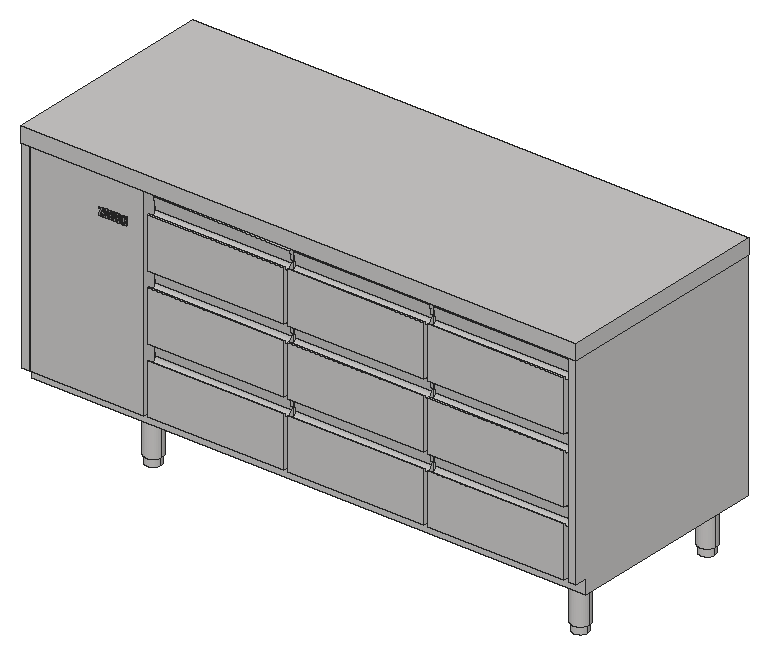
Revit family "QF_ZANUSSI_111049_ZH3HBCCC", category Specialty Equipment, Revit 2018 (continued)
Definition of nested family "ZAN_Cooling Unit"
  Lines and regions (mm)
    Split face 128
      outline origin (55.016, 2, -281.14) x (0, 0, 1) y (-1, 0, 0)
        loop
          arc (502.647, 116.535) -> (506.648, 112.533) -> (510.649, 116.535) r 4.001
          line (510.649, 116.535) -> (510.649, 158.547)
    Split face 129
      outline origin (55.016, 2, -293.144) x (0, 0, 1) y (-1, 0, 0)
        loop
          arc (510.649, 158.547) -> (506.648, 162.548) -> (502.647, 158.547) r 4.001
          line (502.647, 158.547) -> (502.647, 116.535)
          arc (502.647, 116.535) -> (506.648, 112.533) -> (510.649, 116.535) r 4.001
          line (510.649, 116.535) -> (510.649, 158.547)
    Split face 130
      outline origin (110.032, 2, -113.091) x (0, 0, 1) y (-1, 0, 0)
        loop
          arc (510.649, 158.547) -> (506.648, 162.548) -> (502.647, 158.547) r 4.001
          line (502.647, 158.547) -> (502.647, 116.535)
          arc (502.647, 116.535) -> (506.648, 112.533) -> (510.649, 116.535) r 4.001
          line (510.649, 116.535) -> (510.649, 158.547)
    Split face 131
      outline origin (110.032, 2, -125.094) x (0, 0, 1) y (-1, 0, 0)
        loop
          arc (510.649, 158.547) -> (506.648, 162.548) -> (502.647, 158.547) r 4.001
          line (502.647, 158.547) -> (502.647, 116.535)
          arc (502.647, 116.535) -> (506.648, 112.533) -> (510.649, 116.535) r 4.001
          line (510.649, 116.535) -> (510.649, 158.547)
    Split face 132
      outline origin (110.032, 2, -137.098) x (0, 0, 1) y (-1, 0, 0)
        loop
          arc (510.649, 158.547) -> (506.648, 162.548) -> (502.647, 158.547) r 4.001
          line (502.647, 158.547) -> (502.647, 116.535)
          arc (502.647, 116.535) -> (506.648, 112.533) -> (510.649, 116.535) r 4.001
          line (510.649, 116.535) -> (510.649, 158.547)
    Split face 133
      outline origin (110.032, 2, -149.101) x (0, 0, 1) y (-1, 0, 0)
        loop
          arc (510.649, 158.547) -> (506.648, 162.548) -> (502.647, 158.547) r 4.001
          line (502.647, 158.547) -> (502.647, 116.535)
          arc (502.647, 116.535) -> (506.648, 112.533) -> (510.649, 116.535) r 4.001
          line (510.649, 116.535) -> (510.649, 158.547)
    Split face 134
      outline origin (110.032, 2, -161.105) x (0, 0, 1) y (-1, 0, 0)
        loop
          arc (510.649, 158.547) -> (506.648, 162.548) -> (502.647, 158.547) r 4.001
          line (502.647, 158.547) -> (502.647, 116.535)
          arc (502.647, 116.535) -> (506.648, 112.533) -> (510.649, 116.535) r 4.001
          line (510.649, 116.535) -> (510.649, 158.547)
    Split face 135
      outline origin (110.032, 2, -173.108) x (0, 0, 1) y (-1, 0, 0)
        loop
          arc (510.649, 158.547) -> (506.648, 162.548) -> (502.647, 158.547) r 4.001
          line (502.647, 158.547) -> (502.647, 116.535)
          arc (502.647, 116.535) -> (506.648, 112.533) -> (510.649, 116.535) r 4.001
          line (510.649, 116.535) -> (510.649, 158.547)
    Split face 136
      outline origin (110.032, 2, -185.112) x (0, 0, 1) y (-1, 0, 0)
        loop
          arc (510.649, 158.547) -> (506.648, 162.548) -> (502.647, 158.547) r 4.001
          line (502.647, 158.547) -> (502.647, 116.535)
          arc (502.647, 116.535) -> (506.648, 112.533) -> (510.649, 116.535) r 4.001
          line (510.649, 116.535) -> (510.649, 158.547)
    Split face 137
      outline origin (110.032, 2, -197.115) x (0, 0, 1) y (-1, 0, 0)
        loop
          arc (510.649, 158.547) -> (506.648, 162.548) -> (502.647, 158.547) r 4.001
          line (502.647, 158.547) -> (502.647, 116.535)
          arc (502.647, 116.535) -> (506.648, 112.533) -> (510.649, 116.535) r 4.001
          line (510.649, 116.535) -> (510.649, 158.547)
    Split face 138
      outline origin (110.032, 2, -209.119) x (0, 0, 1) y (-1, 0, 0)
        loop
          arc (510.649, 158.547) -> (506.648, 162.548) -> (502.647, 158.547) r 4.001
          line (502.647, 158.547) -> (502.647, 116.535)
          arc (502.647, 116.535) -> (506.648, 112.533) -> (510.649, 116.535) r 4.001
          line (510.649, 116.535) -> (510.649, 158.547)
    Split face 139
      outline origin (110.032, 2, -221.122) x (0, 0, 1) y (-1, 0, 0)
        loop
          arc (510.649, 158.547) -> (506.648, 162.548) -> (502.647, 158.547) r 4.001
          line (502.647, 158.547) -> (502.647, 116.535)
          arc (502.647, 116.535) -> (506.648, 112.533) -> (510.649, 116.535) r 4.001
          line (510.649, 116.535) -> (510.649, 158.547)
    Split face 140
      outline origin (110.032, 2, -233.126) x (0, 0, 1) y (-1, 0, 0)
        loop
          arc (510.649, 158.547) -> (506.648, 162.548) -> (502.647, 158.547) r 4.001
          line (502.647, 158.547) -> (502.647, 116.535)
          arc (502.647, 116.535) -> (506.648, 112.533) -> (510.649, 116.535) r 4.001
          line (510.649, 116.535) -> (510.649, 158.547)
    Split face 141
      outline origin (110.032, 2, -245.129) x (0, 0, 1) y (-1, 0, 0)
        loop
          arc (510.649, 158.547) -> (506.648, 162.548) -> (502.647, 158.547) r 4.001
          line (502.647, 158.547) -> (502.647, 116.535)
          arc (502.647, 116.535) -> (506.648, 112.533) -> (510.649, 116.535) r 4.001
          line (510.649, 116.535) -> (510.649, 158.547)
    Split face 142
      outline origin (110.032, 2, -257.133) x (0, 0, 1) y (-1, 0, 0)
        loop
          arc (510.649, 158.547) -> (506.648, 162.548) -> (502.647, 158.547) r 4.001
          line (502.647, 158.547) -> (502.647, 116.535)
          arc (502.647, 116.535) -> (506.648, 112.533) -> (510.649, 116.535) r 4.001
          line (510.649, 116.535) -> (510.649, 158.547)
    Split face 143
      outline origin (110.032, 2, -269.136) x (0, 0, 1) y (-1, 0, 0)
        loop
          arc (510.649, 158.547) -> (506.648, 162.548) -> (502.647, 158.547) r 4.001
          line (502.647, 158.547) -> (502.647, 116.535)
          arc (502.647, 116.535) -> (506.648, 112.533) -> (510.649, 116.535) r 4.001
          line (510.649, 116.535) -> (510.649, 158.547)
    Split face 144
      outline origin (110.032, 2, -281.14) x (0, 0, 1) y (-1, 0, 0)
        loop
          arc (510.649, 158.547) -> (506.648, 162.548) -> (502.647, 158.547) r 4.001
          line (502.647, 158.547) -> (502.647, 116.535)
          arc (502.647, 116.535) -> (506.648, 112.533) -> (510.649, 116.535) r 4.001
          line (510.649, 116.535) -> (510.649, 158.547)
    Split face 145
      outline origin (110.032, 2, -293.144) x (0, 0, 1) y (-1, 0, 0)
        loop
          arc (510.649, 158.547) -> (506.648, 162.548) -> (502.647, 158.547) r 4.001
          line (502.647, 158.547) -> (502.647, 116.535)
          arc (502.647, 116.535) -> (506.648, 112.533) -> (510.649, 116.535) r 4.001
          line (510.649, 116.535) -> (510.649, 158.547)
    Split face 146
      outline origin (165.048, 2, -113.091) x (0, 0, 1) y (-1, 0, 0)
        loop
          arc (510.649, 158.547) -> (506.648, 162.548) -> (502.647, 158.547) r 4.001
          line (502.647, 158.547) -> (502.647, 116.535)
          arc (502.647, 116.535) -> (506.648, 112.533) -> (510.649, 116.535) r 4.001
          line (510.649, 116.535) -> (510.649, 158.547)
    Split face 147
      outline origin (165.048, 2, -125.094) x (0, 0, 1) y (-1, 0, 0)
        loop
          arc (510.649, 158.547) -> (506.648, 162.548) -> (502.647, 158.547) r 4.001
          line (502.647, 158.547) -> (502.647, 116.535)
          arc (502.647, 116.535) -> (506.648, 112.533) -> (510.649, 116.535) r 4.001
          line (510.649, 116.535) -> (510.649, 158.547)
    Split face 148
      outline origin (165.048, 2, -137.098) x (0, 0, 1) y (-1, 0, 0)
        loop
          arc (510.649, 158.547) -> (506.648, 162.548) -> (502.647, 158.547) r 4.001
          line (502.647, 158.547) -> (502.647, 116.535)
          arc (502.647, 116.535) -> (506.648, 112.533) -> (510.649, 116.535) r 4.001
          line (510.649, 116.535) -> (510.649, 158.547)
    Split face 149
      outline origin (165.048, 2, -149.101) x (0, 0, 1) y (-1, 0, 0)
        loop
          arc (510.649, 158.547) -> (506.648, 162.548) -> (502.647, 158.547) r 4.001
          line (502.647, 158.547) -> (502.647, 116.535)
          arc (502.647, 116.535) -> (506.648, 112.533) -> (510.649, 116.535) r 4.001
          line (510.649, 116.535) -> (510.649, 158.547)
    Split face 150
      outline origin (165.048, 2, -161.105) x (0, 0, 1) y (-1, 0, 0)
        loop
          arc (510.649, 158.547) -> (506.648, 162.548) -> (502.647, 158.547) r 4.001
          line (502.647, 158.547) -> (502.647, 116.535)
          arc (502.647, 116.535) -> (506.648, 112.533) -> (510.649, 116.535) r 4.001
          line (510.649, 116.535) -> (510.649, 158.547)
    Split face 151
      outline origin (165.048, 2, -173.108) x (0, 0, 1) y (-1, 0, 0)
        loop
          arc (510.649, 158.547) -> (506.648, 162.548) -> (502.647, 158.547) r 4.001
          line (502.647, 158.547) -> (502.647, 116.535)
          arc (502.647, 116.535) -> (506.648, 112.533) -> (510.649, 116.535) r 4.001
          line (510.649, 116.535) -> (510.649, 158.547)
    Split face 152
      outline origin (165.048, 2, -185.112) x (0, 0, 1) y (-1, 0, 0)
        loop
          arc (510.649, 158.547) -> (506.648, 162.548) -> (502.647, 158.547) r 4.001
          line (502.647, 158.547) -> (502.647, 116.535)
          arc (502.647, 116.535) -> (506.648, 112.533) -> (510.649, 116.535) r 4.001
          line (510.649, 116.535) -> (510.649, 158.547)
    Split face 153
      outline origin (165.048, 2, -197.115) x (0, 0, 1) y (-1, 0, 0)
        loop
          arc (510.649, 158.547) -> (506.648, 162.548) -> (502.647, 158.547) r 4.001
          line (502.647, 158.547) -> (502.647, 116.535)
          arc (502.647, 116.535) -> (506.648, 112.533) -> (510.649, 116.535) r 4.001
          line (510.649, 116.535) -> (510.649, 158.547)
    Split face 154
      outline origin (165.048, 2, -209.119) x (0, 0, 1) y (-1, 0, 0)
        loop
          arc (510.649, 158.547) -> (506.648, 162.548) -> (502.647, 158.547) r 4.001
          line (502.647, 158.547) -> (502.647, 116.535)
          arc (502.647, 116.535) -> (506.648, 112.533) -> (510.649, 116.535) r 4.001
          line (510.649, 116.535) -> (510.649, 158.547)
    Split face 155
      outline origin (165.048, 2, -221.122) x (0, 0, 1) y (-1, 0, 0)
        loop
          arc (510.649, 158.547) -> (506.648, 162.548) -> (502.647, 158.547) r 4.001
          line (502.647, 158.547) -> (502.647, 116.535)
          arc (502.647, 116.535) -> (506.648, 112.533) -> (510.649, 116.535) r 4.001
          line (510.649, 116.535) -> (510.649, 158.547)
    Split face 156
      outline origin (165.048, 2, -233.126) x (0, 0, 1) y (-1, 0, 0)
        loop
          arc (510.649, 158.547) -> (506.648, 162.548) -> (502.647, 158.547) r 4.001
          line (502.647, 158.547) -> (502.647, 116.535)
          arc (502.647, 116.535) -> (506.648, 112.533) -> (510.649, 116.535) r 4.001
          line (510.649, 116.535) -> (510.649, 158.547)
    Split face 157
      outline origin (165.048, 2, -245.129) x (0, 0, 1) y (-1, 0, 0)
        loop
          arc (510.649, 158.547) -> (506.648, 162.548) -> (502.647, 158.547) r 4.001
          line (502.647, 158.547) -> (502.647, 116.535)
          arc (502.647, 116.535) -> (506.648, 112.533) -> (510.649, 116.535) r 4.001
          line (510.649, 116.535) -> (510.649, 158.547)
    Split face 158
      outline origin (165.048, 2, -257.133) x (0, 0, 1) y (-1, 0, 0)
        loop
          arc (510.649, 158.547) -> (506.648, 162.548) -> (502.647, 158.547) r 4.001
          line (502.647, 158.547) -> (502.647, 116.535)
          arc (502.647, 116.535) -> (506.648, 112.533) -> (510.649, 116.535) r 4.001
          line (510.649, 116.535) -> (510.649, 158.547)
    Split face 159
      outline origin (165.048, 2, -269.136) x (0, 0, 1) y (-1, 0, 0)
        loop
          arc (510.649, 158.547) -> (506.648, 162.548) -> (502.647, 158.547) r 4.001
          line (502.647, 158.547) -> (502.647, 116.535)
          arc (502.647, 116.535) -> (506.648, 112.533) -> (510.649, 116.535) r 4.001
          line (510.649, 116.535) -> (510.649, 158.547)
    Split face 160
      outline origin (165.048, 2, -281.14) x (0, 0, 1) y (-1, 0, 0)
        loop
          arc (510.649, 158.547) -> (506.648, 162.548) -> (502.647, 158.547) r 4.001
          line (502.647, 158.547) -> (502.647, 116.535)
          arc (502.647, 116.535) -> (506.648, 112.533) -> (510.649, 116.535) r 4.001
          line (510.649, 116.535) -> (510.649, 158.547)
    Split face 161
      outline origin (165.048, 2, -293.144) x (0, 0, 1) y (-1, 0, 0)
        loop
          arc (510.649, 158.547) -> (506.648, 162.548) -> (502.647, 158.547) r 4.001
          line (502.647, 158.547) -> (502.647, 116.535)
          arc (502.647, 116.535) -> (506.648, 112.533) -> (510.649, 116.535) r 4.001
          line (510.649, 116.535) -> (510.649, 158.547)
    Split face 162
      outline origin (220.064, 2, -113.091) x (0, 0, 1) y (-1, 0, 0)
        loop
          arc (510.649, 158.547) -> (506.648, 162.548) -> (502.647, 158.547) r 4.001
          line (502.647, 158.547) -> (502.647, 116.535)
          arc (502.647, 116.535) -> (506.648, 112.533) -> (510.649, 116.535) r 4.001
          line (510.649, 116.535) -> (510.649, 158.547)
    Split face 163
      outline origin (220.064, 2, -125.094) x (0, 0, 1) y (-1, 0, 0)
        loop
          arc (510.649, 158.547) -> (506.648, 162.548) -> (502.647, 158.547) r 4.001
          line (502.647, 158.547) -> (502.647, 116.535)
          arc (502.647, 116.535) -> (506.648, 112.533) -> (510.649, 116.535) r 4.001
          line (510.649, 116.535) -> (510.649, 158.547)
    Split face 164
      outline origin (220.064, 2, -137.098) x (0, 0, 1) y (-1, 0, 0)
        loop
          arc (510.649, 158.547) -> (506.648, 162.548) -> (502.647, 158.547) r 4.001
          line (502.647, 158.547) -> (502.647, 116.535)
          arc (502.647, 116.535) -> (506.648, 112.533) -> (510.649, 116.535) r 4.001
          line (510.649, 116.535) -> (510.649, 158.547)
    Split face 165
      outline origin (220.064, 2, -149.101) x (0, 0, 1) y (-1, 0, 0)
        loop
          arc (510.649, 158.547) -> (506.648, 162.548) -> (502.647, 158.547) r 4.001
          line (502.647, 158.547) -> (502.647, 116.535)
          arc (502.647, 116.535) -> (506.648, 112.533) -> (510.649, 116.535) r 4.001
          line (510.649, 116.535) -> (510.649, 158.547)
    Split face 166
      outline origin (220.064, 2, -161.105) x (0, 0, 1) y (-1, 0, 0)
        loop
          arc (510.649, 158.547) -> (506.648, 162.548) -> (502.647, 158.547) r 4.001
          line (502.647, 158.547) -> (502.647, 116.535)
          arc (502.647, 116.535) -> (506.648, 112.533) -> (510.649, 116.535) r 4.001
          line (510.649, 116.535) -> (510.649, 158.547)
    Split face 167
      outline origin (220.064, 2, -173.108) x (0, 0, 1) y (-1, 0, 0)
        loop
          arc (510.649, 158.547) -> (506.648, 162.548) -> (502.647, 158.547) r 4.001
          line (502.647, 158.547) -> (502.647, 116.535)
          arc (502.647, 116.535) -> (506.648, 112.533) -> (510.649, 116.535) r 4.001
          line (510.649, 116.535) -> (510.649, 158.547)
    Split face 168
      outline origin (220.064, 2, -185.112) x (0, 0, 1) y (-1, 0, 0)
        loop
          arc (510.649, 158.547) -> (506.648, 162.548) -> (502.647, 158.547) r 4.001
          line (502.647, 158.547) -> (502.647, 116.535)
          arc (502.647, 116.535) -> (506.648, 112.533) -> (510.649, 116.535) r 4.001
          line (510.649, 116.535) -> (510.649, 158.547)
    Split face 169
      outline origin (220.064, 2, -197.115) x (0, 0, 1) y (-1, 0, 0)
        loop
          arc (510.649, 158.547) -> (506.648, 162.548) -> (502.647, 158.547) r 4.001
          line (502.647, 158.547) -> (502.647, 116.535)
          arc (502.647, 116.535) -> (506.648, 112.533) -> (510.649, 116.535) r 4.001
          line (510.649, 116.535) -> (510.649, 158.547)
    Split face 170
      outline origin (220.064, 2, -209.119) x (0, 0, 1) y (-1, 0, 0)
        loop
          arc (510.649, 158.547) -> (506.648, 162.548) -> (502.647, 158.547) r 4.001
          line (502.647, 158.547) -> (502.647, 116.535)
          arc (502.647, 116.535) -> (506.648, 112.533) -> (510.649, 116.535) r 4.001
          line (510.649, 116.535) -> (510.649, 158.547)
    Split face 171
      outline origin (220.064, 2, -221.122) x (0, 0, 1) y (-1, 0, 0)
        loop
          arc (510.649, 158.547) -> (506.648, 162.548) -> (502.647, 158.547) r 4.001
          line (502.647, 158.547) -> (502.647, 116.535)
          arc (502.647, 116.535) -> (506.648, 112.533) -> (510.649, 116.535) r 4.001
          line (510.649, 116.535) -> (510.649, 158.547)
    Split face 172
      outline origin (220.064, 2, -233.126) x (0, 0, 1) y (-1, 0, 0)
        loop
          arc (510.649, 158.547) -> (506.648, 162.548) -> (502.647, 158.547) r 4.001
          line (502.647, 158.547) -> (502.647, 116.535)
          arc (502.647, 116.535) -> (506.648, 112.533) -> (510.649, 116.535) r 4.001
          line (510.649, 116.535) -> (510.649, 158.547)
    Split face 173
      outline origin (220.064, 2, -245.129) x (0, 0, 1) y (-1, 0, 0)
        loop
          arc (510.649, 158.547) -> (506.648, 162.548) -> (502.647, 158.547) r 4.001
          line (502.647, 158.547) -> (502.647, 116.535)
          arc (502.647, 116.535) -> (506.648, 112.533) -> (510.649, 116.535) r 4.001
          line (510.649, 116.535) -> (510.649, 158.547)
    Split face 174
      outline origin (220.064, 2, -257.133) x (0, 0, 1) y (-1, 0, 0)
        loop
          arc (510.649, 158.547) -> (506.648, 162.548) -> (502.647, 158.547) r 4.001
          line (502.647, 158.547) -> (502.647, 116.535)
          arc (502.647, 116.535) -> (506.648, 112.533) -> (510.649, 116.535) r 4.001
          line (510.649, 116.535) -> (510.649, 158.547)
    Split face 175
      outline origin (220.064, 2, -269.136) x (0, 0, 1) y (-1, 0, 0)
        loop
          arc (510.649, 158.547) -> (506.648, 162.548) -> (502.647, 158.547) r 4.001
          line (502.647, 158.547) -> (502.647, 116.535)
          arc (502.647, 116.535) -> (506.648, 112.533) -> (510.649, 116.535) r 4.001
          line (510.649, 116.535) -> (510.649, 158.547)
    Split face 176
      outline origin (220.064, 2, -281.14) x (0, 0, 1) y (-1, 0, 0)
        loop
          arc (510.649, 158.547) -> (506.648, 162.548) -> (502.647, 158.547) r 4.001
          line (502.647, 158.547) -> (502.647, 116.535)
          arc (502.647, 116.535) -> (506.648, 112.533) -> (510.649, 116.535) r 4.001
          line (510.649, 116.535) -> (510.649, 158.547)
    Split face 177
      outline origin (220.064, 2, -293.144) x (0, 0, 1) y (-1, 0, 0)
        loop
          arc (510.649, 158.547) -> (506.648, 162.548) -> (502.647, 158.547) r 4.001
          line (502.647, 158.547) -> (502.647, 116.535)
          arc (502.647, 116.535) -> (506.648, 112.533) -> (510.649, 116.535) r 4.001
          line (510.649, 116.535) -> (510.649, 158.547)
    Split face 178
      outline origin (275.081, 2, -113.091) x (0, 0, 1) y (-1, 0, 0)
        loop
          arc (510.649, 158.547) -> (506.648, 162.548) -> (502.647, 158.547) r 4.001
          line (502.647, 158.547) -> (502.647, 116.535)
          arc (502.647, 116.535) -> (506.648, 112.533) -> (510.649, 116.535) r 4.001
          line (510.649, 116.535) -> (510.649, 158.547)
    Split face 179
      outline origin (275.081, 2, -125.094) x (0, 0, 1) y (-1, 0, 0)
        loop
          arc (510.649, 158.547) -> (506.648, 162.548) -> (502.647, 158.547) r 4.001
          line (502.647, 158.547) -> (502.647, 116.535)
          arc (502.647, 116.535) -> (506.648, 112.533) -> (510.649, 116.535) r 4.001
          line (510.649, 116.535) -> (510.649, 158.547)
    Split face 180
      outline origin (275.081, 2, -137.098) x (0, 0, 1) y (-1, 0, 0)
        loop
          arc (510.649, 158.547) -> (506.648, 162.548) -> (502.647, 158.547) r 4.001
          line (502.647, 158.547) -> (502.647, 116.535)
          arc (502.647, 116.535) -> (506.648, 112.533) -> (510.649, 116.535) r 4.001
          line (510.649, 116.535) -> (510.649, 158.547)
    Split face 181
      outline origin (275.081, 2, -149.101) x (0, 0, 1) y (-1, 0, 0)
        loop
          arc (510.649, 158.547) -> (506.648, 162.548) -> (502.647, 158.547) r 4.001
          line (502.647, 158.547) -> (502.647, 116.535)
          arc (502.647, 116.535) -> (506.648, 112.533) -> (510.649, 116.535) r 4.001
          line (510.649, 116.535) -> (510.649, 158.547)
    Split face 182
      outline origin (275.081, 2, -161.105) x (0, 0, 1) y (-1, 0, 0)
        loop
          arc (510.649, 158.547) -> (506.648, 162.548) -> (502.647, 158.547) r 4.001
          line (502.647, 158.547) -> (502.647, 116.535)
          arc (502.647, 116.535) -> (506.648, 112.533) -> (510.649, 116.535) r 4.001
          line (510.649, 116.535) -> (510.649, 158.547)
    Split face 183
      outline origin (275.081, 2, -173.108) x (0, 0, 1) y (-1, 0, 0)
        loop
          arc (510.649, 158.547) -> (506.648, 162.548) -> (502.647, 158.547) r 4.001
          line (502.647, 158.547) -> (502.647, 116.535)
          arc (502.647, 116.535) -> (506.648, 112.533) -> (510.649, 116.535) r 4.001
          line (510.649, 116.535) -> (510.649, 158.547)
    Split face 184
      outline origin (275.081, 2, -185.112) x (0, 0, 1) y (-1, 0, 0)
        loop
          arc (510.649, 158.547) -> (506.648, 162.548) -> (502.647, 158.547) r 4.001
          line (502.647, 158.547) -> (502.647, 116.535)
          arc (502.647, 116.535) -> (506.648, 112.533) -> (510.649, 116.535) r 4.001
          line (510.649, 116.535) -> (510.649, 158.547)
    Split face 185
      outline origin (275.081, 2, -197.115) x (0, 0, 1) y (-1, 0, 0)
        loop
          arc (510.649, 158.547) -> (506.648, 162.548) -> (502.647, 158.547) r 4.001
          line (502.647, 158.547) -> (502.647, 116.535)
          arc (502.647, 116.535) -> (506.648, 112.533) -> (510.649, 116.535) r 4.001
          line (510.649, 116.535) -> (510.649, 158.547)
    Split face 186
      outline origin (275.081, 2, -209.119) x (0, 0, 1) y (-1, 0, 0)
        loop
          arc (510.649, 158.547) -> (506.648, 162.548) -> (502.647, 158.547) r 4.001
          line (502.647, 158.547) -> (502.647, 116.535)
          arc (502.647, 116.535) -> (506.648, 112.533) -> (510.649, 116.535) r 4.001
          line (510.649, 116.535) -> (510.649, 158.547)
    Split face 187
      outline origin (275.081, 2, -221.122) x (0, 0, 1) y (-1, 0, 0)
        loop
          arc (510.649, 158.547) -> (506.648, 162.548) -> (502.647, 158.547) r 4.001
          line (502.647, 158.547) -> (502.647, 116.535)
          arc (502.647, 116.535) -> (506.648, 112.533) -> (510.649, 116.535) r 4.001
          line (510.649, 116.535) -> (510.649, 158.547)
    Split face 188
      outline origin (275.081, 2, -233.126) x (0, 0, 1) y (-1, 0, 0)
        loop
          arc (510.649, 158.547) -> (506.648, 162.548) -> (502.647, 158.547) r 4.001
          line (502.647, 158.547) -> (502.647, 116.535)
          arc (502.647, 116.535) -> (506.648, 112.533) -> (510.649, 116.535) r 4.001
          line (510.649, 116.535) -> (510.649, 158.547)
    Split face 189
      outline origin (275.081, 2, -245.129) x (0, 0, 1) y (-1, 0, 0)
        loop
          arc (510.649, 158.547) -> (506.648, 162.548) -> (502.647, 158.547) r 4.001
          line (502.647, 158.547) -> (502.647, 116.535)
          arc (502.647, 116.535) -> (506.648, 112.533) -> (510.649, 116.535) r 4.001
          line (510.649, 116.535) -> (510.649, 158.547)
    Split face 190
      outline origin (275.081, 2, -257.133) x (0, 0, 1) y (-1, 0, 0)
        loop
          arc (510.649, 158.547) -> (506.648, 162.548) -> (502.647, 158.547) r 4.001
          line (502.647, 158.547) -> (502.647, 116.535)
          arc (502.647, 116.535) -> (506.648, 112.533) -> (510.649, 116.535) r 4.001
          line (510.649, 116.535) -> (510.649, 158.547)
    Split face 191
      outline origin (275.081, 2, -269.136) x (0, 0, 1) y (-1, 0, 0)
        loop
          arc (510.649, 158.547) -> (506.648, 162.548) -> (502.647, 158.547) r 4.001
          line (502.647, 158.547) -> (502.647, 116.535)
          arc (502.647, 116.535) -> (506.648, 112.533) -> (510.649, 116.535) r 4.001
          line (510.649, 116.535) -> (510.649, 158.547)
    Split face 192
      outline origin (275.081, 2, -281.14) x (0, 0, 1) y (-1, 0, 0)
        loop
          arc (510.649, 158.547) -> (506.648, 162.548) -> (502.647, 158.547) r 4.001
          line (502.647, 158.547) -> (502.647, 116.535)
          arc (502.647, 116.535) -> (506.648, 112.533) -> (510.649, 116.535) r 4.001
          line (510.649, 116.535) -> (510.649, 158.547)
    Split face 193
      outline origin (275.081, 2, -293.144) x (0, 0, 1) y (-1, 0, 0)
        loop
          arc (510.649, 158.547) -> (506.648, 162.548) -> (502.647, 158.547) r 4.001
          line (502.647, 158.547) -> (502.647, 116.535)
          arc (502.647, 116.535) -> (506.648, 112.533) -> (510.649, 116.535) r 4.001
          line (510.649, 116.535) -> (510.649, 158.547)
    Split face 194
      outline origin (0, 2, 197) x (0, 0, 1) y (-1, 0, 0)
        loop
          spline (566.835, 20.381) -> (564.628, 19.058) -> (561.987, 18.027) -> (558.955, 17.386) -> (555.581, 17.244) -> (551.912, 17.703) -> (547.993, 18.863) -> (543.871, 20.83) -> (539.591, 23.706) -> (535.202, 27.594) -> (530.748, 32.597) -> (526.28, 38.824) -> (521.835, 46.362)
        loop
          spline (521.835, 58.392) -> (525.386, 49.242) -> (529.197, 41.481) -> (533.2, 35.023) -> (537.329, 29.786) -> (541.516, 25.684) -> (545.695, 22.634) -> (549.798, 20.552) -> (553.759, 19.355) -> (557.511, 18.958) -> (560.984, 19.275) -> (564.115, 20.227) -> (566.835, 21.726)
    Split face 195
      outline origin (0, 2, 197) x (0, 0, 1) y (-1, 0, 0)
        loop
          line (555.835, 149.5) -> (532.835, 149.5) -> (532.835, 94.5) -> (555.835, 94.5) -> (555.835, 149.5)
  Dimensions and locks
    aligned and locked: level to plane 2
  Nested families
    nested 1: "ZAN_Logo_S_Grey" at (85, 2, 741.213) x (1, 0, 0) z (0, -1, 0), visible <- "Show Logo", type "ZAN_Logo_S_Grey"
  Definition of nested family "ZAN_Logo_S_Grey"
    Parameters
      Default Elevation = 0 mm
    Reference planes
      plane 1 "Centro (Fronte/Retro)": y = 0
      plane 2: z = 0
      plane 3 "Centro (Sinistra/Destra)": x = 0
    Forms (mm)
      Extrusion 1, solid
        sketch origin (0, 0, 0) x (1, 0, 0) y (0, 1, 0)
          loop
            line (-1219.2, 1219.2) -> (-1219.2, -1219.2) -> (1219.2, -1219.2) -> (1219.2, 1219.2) -> (-1219.2, 1219.2)
        from 0 to -304.8
      Extrusion 2, solid
        sketch origin (17.793, -46.218, 0) x (-1, 0, 0) y (0, -1, 0)
          loop
            spline (-4.176, -58.079) -> (-3.496, -58.328) -> (-2.793, -58.512) -> (-2.075, -58.63) -> (-1.348, -58.682) -> (-0.619, -58.669) -> (0.106, -58.588) -> (0.818, -58.44) -> (1.512, -58.225) -> (2.18, -57.941) -> (2.817, -57.589) -> (3.414, -57.167) -> (3.966, -56.676)
            spline (3.966, -56.676) -> (4.293, -56.162) -> (4.575, -55.61) -> (4.81, -55.026) -> (5, -54.419) -> (5.146, -53.797) -> (5.247, -53.166) -> (5.304, -52.536) -> (5.318, -51.913) -> (5.288, -51.306) -> (5.217, -50.723) -> (5.103, -50.17) -> (4.949, -49.657)
            line (4.949, -49.657) -> (2.702, -46.428) -> (0.316, -44.323)
            spline (0.316, -44.323) -> (0.065, -44.115) -> (-0.195, -43.909) -> (-0.46, -43.704) -> (-0.729, -43.496) -> (-0.997, -43.282) -> (-1.263, -43.059) -> (-1.523, -42.825) -> (-1.774, -42.576) -> (-2.013, -42.309) -> (-2.238, -42.022) -> (-2.445, -41.712) -> (-2.632, -41.375)
            spline (-2.632, -41.375) -> (-2.666, -41.159) -> (-2.697, -40.934) -> (-2.722, -40.701) -> (-2.736, -40.465) -> (-2.736, -40.227) -> (-2.72, -39.989) -> (-2.682, -39.754) -> (-2.621, -39.524) -> (-2.533, -39.302) -> (-2.414, -39.091) -> (-2.261, -38.892) -> (-2.07, -38.708)
            line (-2.07, -38.708) -> (-0.245, -38.567)
            spline (-0.245, -38.567) -> (0.096, -38.8) -> (0.354, -39.074) -> (0.54, -39.381) -> (0.664, -39.716) -> (0.738, -40.073) -> (0.772, -40.445) -> (0.777, -40.825) -> (0.763, -41.208) -> (0.742, -41.588) -> (0.723, -41.957) -> (0.718, -42.309) -> (0.737, -42.638)
            line (0.737, -42.638) -> (5.65, -42.638)
            spline (5.65, -42.638) -> (5.708, -42.042) -> (5.741, -41.448) -> (5.747, -40.857) -> (5.723, -40.273) -> (5.668, -39.696) -> (5.58, -39.129) -> (5.457, -38.574) -> (5.297, -38.032) -> (5.098, -37.506) -> (4.857, -36.997) -> (4.574, -36.508) -> (4.247, -36.041)
            spline (4.247, -36.041) -> (3.844, -35.675) -> (3.409, -35.35) -> (2.946, -35.065) -> (2.458, -34.819) -> (1.949, -34.612) -> (1.421, -34.444) -> (0.88, -34.314) -> (0.326, -34.221) -> (-0.234, -34.165) -> (-0.8, -34.146) -> (-1.366, -34.163) -> (-1.93, -34.216)
            spline (-1.93, -34.216) -> (-2.526, -34.309) -> (-3.116, -34.448) -> (-3.695, -34.633) -> (-4.259, -34.861) -> (-4.801, -35.131) -> (-5.316, -35.444) -> (-5.799, -35.798) -> (-6.245, -36.191) -> (-6.648, -36.624) -> (-7.002, -37.095) -> (-7.303, -37.603) -> (-7.545, -38.146)
            spline (-7.545, -38.146) -> (-7.694, -38.815) -> (-7.792, -39.487) -> (-7.839, -40.158) -> (-7.836, -40.824) -> (-7.785, -41.482) -> (-7.685, -42.129) -> (-7.539, -42.762) -> (-7.347, -43.377) -> (-7.111, -43.97) -> (-6.83, -44.538) -> (-6.506, -45.078) -> (-6.141, -45.586)
            line (-6.141, -45.586) -> (-0.526, -50.64) -> (0.176, -51.482)
            spline (0.176, -51.482) -> (0.248, -51.66) -> (0.323, -51.843) -> (0.397, -52.03) -> (0.467, -52.22) -> (0.529, -52.412) -> (0.579, -52.605) -> (0.615, -52.798) -> (0.633, -52.989) -> (0.63, -53.179) -> (0.601, -53.366) -> (0.545, -53.55) -> (0.456, -53.728)
            spline (0.456, -53.728) -> (0.375, -53.892) -> (0.273, -54.034) -> (0.154, -54.155) -> (0.02, -54.258) -> (-0.126, -54.343) -> (-0.28, -54.412) -> (-0.441, -54.466) -> (-0.604, -54.508) -> (-0.767, -54.537) -> (-0.928, -54.556) -> (-1.082, -54.567) -> (-1.228, -54.57)
            line (-1.228, -54.57) -> (-2.632, -53.587) -> (-2.772, -50.64) -> (-7.405, -50.64)
            spline (-7.405, -50.64) -> (-7.41, -51.031) -> (-7.423, -51.432) -> (-7.44, -51.839) -> (-7.456, -52.251) -> (-7.469, -52.665) -> (-7.475, -53.079) -> (-7.468, -53.489) -> (-7.446, -53.894) -> (-7.404, -54.291) -> (-7.339, -54.679) -> (-7.247, -55.053) -> (-7.123, -55.412)
            spline (-7.123, -55.412) -> (-6.999, -55.693) -> (-6.837, -55.97) -> (-6.643, -56.244) -> (-6.422, -56.509) -> (-6.177, -56.765) -> (-5.913, -57.009) -> (-5.634, -57.238) -> (-5.346, -57.45) -> (-5.051, -57.643) -> (-4.755, -57.814) -> (-4.462, -57.96) -> (-4.176, -58.079)
          loop
            spline (-21.021, -55.552) -> (-20.633, -56.181) -> (-20.177, -56.736) -> (-19.661, -57.217) -> (-19.092, -57.627) -> (-18.478, -57.966) -> (-17.827, -58.237) -> (-17.147, -58.441) -> (-16.446, -58.578) -> (-15.73, -58.652) -> (-15.009, -58.662) -> (-14.29, -58.611) -> (-13.581, -58.5)
            spline (-13.581, -58.5) -> (-13.088, -58.407) -> (-12.595, -58.269) -> (-12.109, -58.088) -> (-11.636, -57.866) -> (-11.183, -57.605) -> (-10.756, -57.307) -> (-10.361, -56.974) -> (-10.004, -56.608) -> (-9.692, -56.211) -> (-9.431, -55.784) -> (-9.228, -55.33) -> (-9.089, -54.851)
            spline (-9.089, -54.851) -> (-8.873, -54.211) -> (-8.715, -53.559) -> (-8.615, -52.901) -> (-8.574, -52.241) -> (-8.592, -51.585) -> (-8.668, -50.938) -> (-8.802, -50.306) -> (-8.995, -49.693) -> (-9.247, -49.106) -> (-9.557, -48.55) -> (-9.925, -48.03) -> (-10.352, -47.551)
            line (-10.352, -47.551) -> (-15.546, -42.919) -> (-16.669, -41.234)
            spline (-16.669, -41.234) -> (-16.704, -41.021) -> (-16.735, -40.804) -> (-16.761, -40.583) -> (-16.778, -40.361) -> (-16.784, -40.139) -> (-16.774, -39.919) -> (-16.748, -39.701) -> (-16.7, -39.488) -> (-16.63, -39.28) -> (-16.533, -39.08) -> (-16.406, -38.889) -> (-16.248, -38.708)
            line (-16.248, -38.708) -> (-14.844, -38.427)
            spline (-14.844, -38.427) -> (-14.347, -38.545) -> (-13.969, -38.749) -> (-13.695, -39.028) -> (-13.508, -39.368) -> (-13.393, -39.757) -> (-13.335, -40.182) -> (-13.318, -40.63) -> (-13.326, -41.089) -> (-13.344, -41.546) -> (-13.356, -41.988) -> (-13.347, -42.403) -> (-13.3, -42.779)
            line (-13.3, -42.779) -> (-8.387, -42.638)
            spline (-8.387, -42.638) -> (-8.326, -42.034) -> (-8.288, -41.417) -> (-8.277, -40.794) -> (-8.299, -40.169) -> (-8.357, -39.548) -> (-8.457, -38.936) -> (-8.604, -38.339) -> (-8.803, -37.762) -> (-9.058, -37.21) -> (-9.375, -36.689) -> (-9.758, -36.204) -> (-10.212, -35.76)
            spline (-10.212, -35.76) -> (-10.793, -35.336) -> (-11.409, -34.976) -> (-12.054, -34.679) -> (-12.723, -34.445) -> (-13.409, -34.273) -> (-14.107, -34.163) -> (-14.811, -34.115) -> (-15.515, -34.127) -> (-16.213, -34.2) -> (-16.899, -34.333) -> (-17.568, -34.526) -> (-18.213, -34.777)
            spline (-18.213, -34.777) -> (-18.496, -34.897) -> (-18.783, -35.044) -> (-19.071, -35.216) -> (-19.357, -35.412) -> (-19.639, -35.629) -> (-19.915, -35.865) -> (-20.182, -36.119) -> (-20.438, -36.389) -> (-20.681, -36.672) -> (-20.907, -36.967) -> (-21.115, -37.272) -> (-21.301, -37.585)
            spline (-21.301, -37.585) -> (-21.55, -38.26) -> (-21.734, -38.948) -> (-21.854, -39.647) -> (-21.91, -40.351) -> (-21.901, -41.057) -> (-21.828, -41.761) -> (-21.69, -42.459) -> (-21.489, -43.148) -> (-21.222, -43.823) -> (-20.892, -44.48) -> (-20.497, -45.116) -> (-20.038, -45.726)
            line (-20.038, -45.726) -> (-14.142, -51.061) -> (-13.44, -52.886) -> (-14.002, -54.289) -> (-15.265, -54.57) -> (-16.669, -53.587) -> (-16.81, -50.78) -> (-21.582, -50.64)
            spline (-21.582, -50.64) -> (-21.558, -51.063) -> (-21.55, -51.491) -> (-21.554, -51.92) -> (-21.561, -52.35) -> (-21.567, -52.778) -> (-21.565, -53.201) -> (-21.547, -53.619) -> (-21.509, -54.029) -> (-21.444, -54.43) -> (-21.345, -54.818) -> (-21.206, -55.193) -> (-21.021, -55.552)
          loop
            line (-22.424, -34.216) -> (-27.337, -34.216) -> (-27.337, -58.22) -> (-22.424, -58.22) -> (-22.424, -34.216)
          loop
            line (14.213, -39.971) -> (14.213, -58.22) -> (19.126, -58.22) -> (19.126, -42.077) -> (18.845, -38.146) -> (18.424, -37.164) -> (17.442, -35.9) -> (16.459, -35.199) -> (14.494, -34.356) -> (13.511, -34.216) -> (11.265, -34.216) -> (10.142, -34.497) -> (8.458, -35.479) -> (6.493, -38.287) -> (6.352, -39.269) -> (6.352, -58.22) -> (11.265, -58.22) -> (11.265, -40.392) -> (11.827, -39.129) -> (13.371, -38.988) -> (14.213, -39.971)
          loop
            line (20.249, -58.22) -> (24.741, -58.22) -> (24.741, -42.919) -> (28.812, -58.22) -> (34.006, -58.22) -> (34.006, -34.216) -> (29.654, -34.216) -> (29.654, -50.078) -> (25.583, -34.216) -> (20.249, -34.216) -> (20.249, -58.22)
          loop
            line (50.149, -58.22) -> (62.361, -58.22) -> (62.361, -53.728) -> (55.904, -53.868) -> (62.923, -39.129) -> (62.923, -34.216) -> (50.149, -34.216) -> (50.149, -39.129) -> (57.517, -39.129) -> (50.149, -54.149) -> (50.149, -58.22)
          loop
            line (38.778, -58.22) -> (45.516, -58.22) -> (49.868, -34.216) -> (44.814, -34.216) -> (44.113, -38.848) -> (40.042, -38.848) -> (39.34, -34.216) -> (34.286, -34.216) -> (38.778, -58.22)
          loop
            line (43.551, -43.2) -> (40.744, -43.2) -> (42.147, -54.117) -> (43.551, -43.2)
        from 0 to 1.644
    Dimensions and locks
      aligned and locked: plane 2 to Extrusion 1
      aligned and locked: level to Extrusion 1
Definition of nested family "Refrigerator"
  Reference planes
    plane 1 "Center (Front/Back)": y = 0
    plane 2: z = 0
    plane 3 "Center (Left/Right)": x = 0
  Lines and regions (mm)
    detail lines, in view "Ref. Level"
      curve 1: spline (-500, 190, 0) -> (-493.185, 166.706, 0) -> (-473.205, 145, 0) -> (-441.421, 126.36, 0) -> (-400, 112.058, 0) -> (-351.764, 103.067, 0) -> (-300, 100, 0) -> (-248.236, 103.067, 0) -> (-200, 112.058, 0) -> (-158.579, 126.36, 0) -> (-126.795, 145, 0) -> (-106.815, 166.706, 0) -> (-100, 190, 0) -> (-106.815, 213.294, 0) -> (-126.795, 235, 0) -> (-158.579, 253.64, 0) -> (-200, 267.942, 0) -> (-248.236, 276.933, 0) -> (-300, 280, 0) -> (-351.764, 276.933, 0) -> (-400, 267.942, 0) -> (-441.421, 253.64, 0) -> (-473.205, 235, 0) -> (-493.185, 213.294, 0) -> (-500, 190, 0)
      curve 2: line (-300, 130, 0) -> (-300, 250, 0)
      curve 3: line (-351.962, 220, 0) -> (-248.038, 160, 0)
      curve 4: line (-351.962, 160, 0) -> (-248.038, 220, 0)
      curve 5: line (-280.884, 246.873, 0) -> (-300, 225, 0)
      curve 6: line (-300, 225, 0) -> (-319.116, 246.873, 0)
      curve 7: line (-330.311, 207.5, 0) -> (-339.696, 234.992, 0)
      curve 8: line (-358.812, 201.882, 0) -> (-330.311, 207.5, 0)
      curve 9: line (-330.311, 172.5, 0) -> (-358.812, 178.118, 0)
      curve 10: line (-339.696, 145.008, 0) -> (-330.311, 172.5, 0)
      curve 11: line (-300, 155, 0) -> (-319.116, 133.127, 0)
      curve 12: line (-280.884, 133.127, 0) -> (-300, 155, 0)
      curve 13: line (-269.689, 172.5, 0) -> (-260.304, 145.008, 0)
      curve 14: line (-241.188, 178.118, 0) -> (-269.689, 172.5, 0)
      curve 15: line (-269.689, 207.5, 0) -> (-241.188, 201.882, 0)
      curve 16: line (-260.304, 234.992, 0) -> (-269.689, 207.5, 0)
